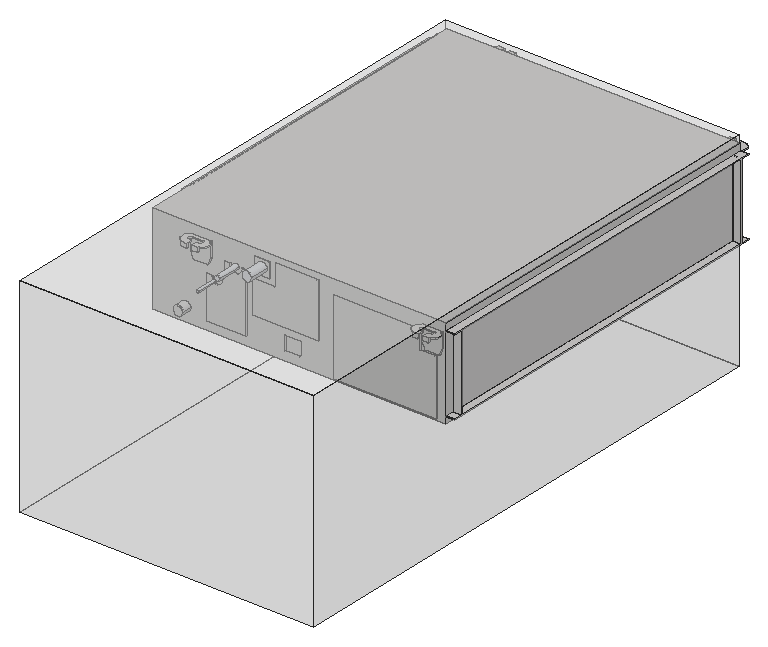
Revit family "outputfile", category 機械設備, Revit 2024
Family settings
  丸型コネクタ寸法 = 半径を使用
  パーツ タイプ = 標準
  OmniClass 番号 = 23.75.10.24.21.27.27
  OmniClass タイトル = Split System Air Conditioning Units
  作業面ベース = いいえ
  常に垂直 = はい
  ロード時にボイドで切り取り = いいえ
  注釈の向きを維持 = いいえ
  共有 = いいえ
  部屋計算ポイント = はい
Parameters (values of type "FXSQ50PAVE8")
  Description = ""
  製造元 = "Daikin"
  書き出し IFC クラス(タイプ) = "IfcUnitaryEquipmentType"
  定義済み IFC タイプ(タイプ) = "AIRCONDITIONINGUNIT"
  Cost = 0
  モデル = "FXSQ50PAVE8"
  Type Comments = ""
  Keynote = ""
  Type Image = (empty or 0)
  Assembly Code = ""
  r_Liquid Pipe Size = Liquid Pipe Size / 2  # 3.2 mm
  r_Gas Pipe Size = Gas Pipe Size / 2  # 6.35 mm
  r_Drain Pipe Size = Drain Pipe Size / 2  # 12.5 mm
  lw_power = 770.0 mm  # constant formula
  lh_SA = 138.0 mm  # constant formula
  lw_SA = if(Depth = 550.0 mm, 225.0 mm, if(Depth = 700.0 mm, 300.0 mm, if(Depth = 1000.0 mm, 450.0 mm, if(Depth = 1400.0 mm, 650.0 mm, 725.0 mm))))  # 450.0 mm
  lw_RA = if(Depth = 550.0 mm, 275.0 mm, if(Depth = 700.0 mm, 349.0 mm, if(Depth = 1000.0 mm, 499.0 mm, if(Depth = 1400.0 mm, 699.0 mm, 775.0 mm))))  # 499.0 mm
  lh_power = 60.0 mm + [h***]  # 60.0 mm
  lh_mountinghole1 = lh_mountinghole + [h***]  # 222.0 mm
  lh_RA = 123.0 mm  # constant formula
  ld_power = Depth / 2  # 500.0 mm
  Voltage_comment_60Hz = "220"
  Voltage_comment_50Hz = "220-240"
  Voltage_60Hz = 220 V
  Voltage_50Hz = 220 V
  URL = ""
  Supply Air Direction [instance] = yes
  Sound Power Level_H speed (dB) = 62
  Phase_60Hz = 1
  Phase_50Hz = 1
  Minimum External Static Pressure = 50.00 Pa
  Minimum Circuit Amps_60Hz = 1.3 A
  Minimum Circuit Amps_50Hz = 1.3 A
  Maximum Fuse Amps_60Hz = 16.0 A
  Maximum Fuse Amps_50Hz = 16.0 A
  Maximum External Static Pressure = 150.00 Pa
  Material_Casing = DAIKIN_GalvanizedSteel_Casing_indoorunit
  lw_mountinghole = 630.0 mm  # constant formula
  lh_gaspipe = 183.0 mm + [h***]  # 183.0 mm
  lh_mountinghole = 222.0 mm  # constant formula
  lh_liquidpipe = 136.0 mm + [h***]  # 136.0 mm
  lh_drainpipe = 207.0 mm + [h***]  # 207.0 mm
  lh_antena = Height - lh_mountinghole + 1.0 mm  # 24.0 mm
  ld_drainpipe = Depth / 2 + 53.0 mm  # 553.0 mm
  ld_liquidpipe = Depth / 2 + 69.0 mm  # 569.0 mm
  ld_gaspipe = Depth / 2 + 65.0 mm  # 565.0 mm
  ld_mountinghole = Depth + 38.0 mm  # 1038.0 mm
  h*** = 0.0 mm  # constant formula
  lw_liquidpipe = 179.0 mm  # constant formula
  lw_gaspipe = 229.0 mm  # constant formula
  lw_drainpipe = 300.0 mm  # constant formula
  Width = 800.0 mm
  Version = "ver.1.0"
  Unit Type = "Middle Static Pressure Duct Type"
  Unit Mass Weight = 35.00 kg
  Unit Designation [instance] = ""
  Uniclass2015Version = "Products v1.30"
  Uniclass2015Title = "Variable refrigerant flow units"
  Uniclass2015Code = "Pr_70_65_03_94"
  Total Heating Capacity [instance] = 0.000 kW
  Total Cooling Capacity [instance] = 0.000 kW
  Sound Pressure Level_M speed (dBA) = 0
  Sound Pressure Level_L speed (dBA) = 29
  Sound Pressure Level_H speed (dBA) = 34
  Series = "VRV Fan Coil Unit"
  Sensible Cooling Capacity [instance] = 0.000 kW
  SA Duct Size Width = if(Depth = 550.0 mm, 337.0 mm, if(Depth = 700.0 mm, 492.0 mm, if(Depth = 1000.0 mm, 792.0 mm, if(Depth = 1400.0 mm, 1192.0 mm, 1337.0 mm))))  # 792.0 mm
  SA Duct Size Height = 176.0 mm
  Refrigerant Type = "R410A"
  RA Duct Size Width = if(Depth = 550.0 mm, 502.0 mm, if(Depth = 700.0 mm, 654.0 mm, if(Depth = 1000.0 mm, 952.0 mm, if(Depth = 1400.0 mm, 1352.0 mm, 1502.0 mm))))  # 952.0 mm
  RA Duct Size Height = 208.0 mm
  Power Input (Heating) = 0.159 kW
  Power Input (Cooling) = 0.164 kW
  Option Accessory 3 [instance] = ""
  Option Accessory 2 [instance] = ""
  Option Accessory 1 [instance] = ""
  Nominal Heating Capacity = 6.300 kW
  Nominal Cooling Capacity = 5.600 kW
  Minimum Airflow = 690.00 m³/h
  Median Airflow = 870.00 m³/h
  Maximum Airflow = 1020.00 m³/h
  Load Classification = HVAC
  Liquid Pipe Size = 6.4 mm
  Link_Nested Family [instance] = ""
  IfcVersion = "0"
  IfcExportType = "AIRCONDITIONINGUNIT"
  IfcExportAs = "IfcUnitaryEquipmentType"
  Height = 245.0 mm
  Heating Entering Wet Bulb Temperature [instance] = 0.00 °C
  Heating Entering Dry Bulb Temperature [instance] = 0.00 °C
  Heating Ambient Wet Bulb Temperature [instance] = 0.00 °C
  Heating Ambient Dry Bulb Temperature [instance] = 0.00 °C
  Heat Exchanger Type = "Cross Fin Coil"
  Gas Pipe Size = 12.7 mm
  Frequency_60Hz = 60 Hz
  Frequency_50Hz = 50 Hz
  Fan Type = "Sirocco Fan"
  Fan Drive = "Direct Drive"
  FCU Tag No. [instance] = ""
  Drain Pipe Size = 25.0 mm
  Design Supply Airflow [instance] = 0.00 m³/h
  Design Return Airflow [instance] = 0.00 m³/h
  Design External Static Pressure [instance] = 0.00 Pa
  Depth = 1000.0 mm
  既定の高さ = 0.0 mm
  Cooling Entering Wet Bulb Temperature [instance] = 0.00 °C
  Cooling Entering Dry Bulb Temperature [instance] = 0.00 °C
  Cooling Ambient Wet Bulb Temperature [instance] = 0.00 °C
  Cooling Ambient Dry Bulb Temperature [instance] = 0.00 °C
  Clearance visibility [instance] = yes
  Clearance Top = 20.0 mm
  Clearance Right = 0.0 mm
  Clearance Rear = 0.0 mm
  Clearance Left = 0.0 mm
  Clearance Front = 450.0 mm
  Clearance Bottom = 300.0 mm
Reference planes
  plane 1 "Center (Front/Back)": y = 0
  plane 2 "h": z = 0
  plane 3 "Center (Left/Right)": x = 0
  plane 4 "Back": y = 500
  plane 5 "Front": y = -500
  plane 6 "Left": x = -400
  plane 7 "Reight": x = 400
  plane 8 "Top": z = 0
  plane 9 "Bottom": z = -245
  plane 10: y = -215
  plane 11: y = 500
  plane 12: y = -950
  plane 13: x = -400
  plane 14: x = 400
  plane 15: z = 20
  plane 16: z = -545
  plane 17: x = -400
  plane 18: x = -399
  plane 19: x = 399
  plane 20: y = 50
  plane 21: y = -1
  plane 22: z = -122
  plane 23: y = -501
  plane 24: z = -109
  plane 25: x = -221
  plane 26: y = -565
  plane 27: z = -62
  plane 28: x = -171
  plane 29: y = -553
  plane 30: z = -38
  plane 31: x = -100
  plane 32: x = -100
  plane 33: x = -221
  plane 34: x = -171
  plane 35: x = 370
  plane 36: x = -266
  plane 37: x = 364
  plane 38: y = -519
  plane 39: y = 519
  plane 40: z = -23
  plane 41: z = -107
  plane 42: y = -570
  plane 43: z = -207
  plane 44: x = -309
  plane 45: y = -526
  plane 46: x = -251
  plane 47: x = -203
  plane 48: x = -144
  plane 49: z = -59
  plane 50: z = -106
  plane 51: z = -221
  plane 52: z = -109
  plane 53: x = -221
  plane 54: z = -62
  plane 55: x = -171
  plane 56: z = -17
  plane 57: z = -59
  plane 58: x = -121
  plane 59: x = -79
  plane 60: x = -125
  plane 61: x = -64
  plane 62: x = 53
  plane 63: z = -164
  plane 64: z = -73
  plane 65: z = -16
  plane 66: x = 93.5
  plane 67: x = 374.5
  plane 68: x = 330
  plane 69: z = -88.5
  plane 70: z = -38
  plane 71: z = -242.5
  plane 72: x = -38.5
  plane 73: x = 6.5
  plane 74: z = -181
  plane 75: z = -221
  plane 76: y = -499
  plane 77: x = -424
  plane 78: x = 424
Forms (mm)
  Extrusion 1, solid, material "DAIKIN_GalvanizedSteel_Casing_indoorunit" <- "Material_Casing"
    sketch origin (0, 0, 0) x (1, 0, 0) y (0, 1, 0)
      loop
        line (-399, 500) -> (-399, -500) -> (399, -500) -> (399, 500) -> (-399, 500)
    from -245 to 0
  Extrusion 2, solid, material "DAIKIN_GalvanizedSteel_Casing_indoorunit" <- "Material_Casing"
    sketch origin (0, 0, 0) x (1, 0, 0) y (0, 0, 1)
      loop
        line (-251, -221) -> (-144, -221) -> (-144, -59) -> (-154.47, -59)
        arc (-154.47, -59) -> (-171, -78.8) -> (-187.53, -59) r 16.8
        line (-187.53, -59) -> (-203, -59) -> (-203, -106) -> (-206.916, -106)
        arc (-206.916, -106) -> (-221, -123.4) -> (-235.084, -106) r 14.4
        line (-235.084, -106) -> (-251, -106) -> (-251, -221)
    from 500 to 501
  Extrusion 3, solid, material "DAIKIN_GalvanizedSteel_Casing_indoorunit" <- "Material_Casing"
    sketch origin (0, 0, 0) x (1, 0, 0) y (0, 0, 1)
      loop
        line (-121, -17) -> (-121, -59) -> (-79, -59) -> (-79, -17) -> (-121, -17)
      loop
        line (-125, -73) -> (-125, -164) -> (53, -164) -> (53, -16) -> (-64, -16) -> (-64, -73) -> (-125, -73)
    from 500 to 501
  Extrusion 4, solid, material "DAIKIN_GalvanizedSteel_Casing_indoorunit" <- "Material_Casing"
    sketch origin (0, 0, 0) x (1, 0, 0) y (0, 0, 1)
      loop
        line (93.5, -38) -> (93.5, -242.5) -> (374.5, -242.5) -> (374.5, -88.5) -> (330, -88.5) -> (330, -38) -> (93.5, -38)
    from 500 to 501
  Extrusion 5, solid
    sketch origin (0, 0, 0) x (1, 0, 0) y (0, 0, 1)
      loop
        circle (-221, -109) r 3.2
    from 500 to 570
  Extrusion 6, solid
    sketch origin (0, 0, 0) x (1, 0, 0) y (0, 0, 1)
      loop
        circle (-171, -62) r 6.35
    from 500 to 565
  Extrusion 7, solid
    sketch origin (0, 0, 0) x (1, 0, 0) y (0, 0, 1)
      loop
        circle (-100, -38) r 12.5
    from 501 to 553
  Extrusion 8, solid, material "DAIKIN_GalvanizedSteel_Casing_indoorunit" <- "Material_Casing"
    sketch origin (0, 0, 0) x (1, 0, 0) y (0, 0, 1)
      loop
        circle (-309, -207) r 13
    from 500 to 526
  Extrusion 9, void
    sketch origin (0, 0, 0) x (1, 0, 0) y (0, 0, 1)
      loop
        line (-38.5, -181) -> (-38.5, -221) -> (6.5, -221) -> (6.5, -181) -> (-38.5, -181)
    from 499 to 500
Cuts and joins
  Extrusion 9 cuts Extrusion 1
Dimensions and locks
  "Height": plane 8 "Top" to plane 9 "Bottom"
  equal spacing: plane 4 "Back", plane 1 "Center (Front/Back)", plane 5 "Front"
  "Depth": plane 4 "Back" to plane 5 "Front"
  equal spacing: plane 6 "Left", plane 3 "Center (Left/Right)", plane 7 "Reight"
  "Width": plane 6 "Left" to plane 7 "Reight"
  "Clearance Left": plane 13 to plane 6 "Left"
  "Clearance Right": plane 7 "Reight" to plane 14
  "Clearance Rear": plane 11 to plane 4 "Back"
  "Clearance Front": plane 5 "Front" to plane 12
  "Clearance Top": plane 15 to plane 8 "Top"
  "Clearance Bottom": plane 9 "Bottom" to plane 16
  locked: plane 17 to plane 18 at 1
  locked: plane 19 to plane 14 at 1
  "lw_SA": plane 11 to plane 20
  "lw_RA": plane 21 to plane 5 "Front"
  "lh_RA": plane 22 to plane 9 "Bottom"
  locked: plane 5 "Front" to plane 23 at 1
  "lw_liquidpipe": plane 25 to plane 6 "Left"
  "lh_liquidpipe": plane 24 to plane 9 "Bottom"
  "lh_gaspipe": plane 27 to plane 9 "Bottom"
  "lw_gaspipe": plane 28 to plane 6 "Left"
  "ld_gaspipe": plane 26 to plane 1 "Center (Front/Back)"
  "ld_drainpipe": plane 29 to plane 1 "Center (Front/Back)"
  "lh_drainpipe": plane 30 to plane 9 "Bottom"
  "lw_drainpipe": plane 31 to plane 6 "Left"
  "lw_drainpipe": plane 6 "Left" to plane 32
  "lw_liquidpipe": plane 6 "Left" to plane 33
  "lw_gaspipe": plane 6 "Left" to plane 34
  "lw_power": plane 6 "Left" to plane 35
  locked: plane 17 to plane 36 at 134
  "lw_mountinghole": plane 36 to plane 37
  equal spacing: plane 38, plane 1 "Center (Front/Back)", plane 39
  "ld_mountinghole": plane 39 to plane 38
  "lh_mountinghole": plane 40 to plane 9 "Bottom"
  "lh_SA": plane 41 to plane 9 "Bottom"
  "ld_liquidpipe": plane 21 to plane 42
  locked: plane 44 to plane 6 "Left" at 91
  locked: plane 43 to plane 9 "Bottom" at 38
  locked: plane 5 "Front" to plane 45 at 26
  plane 48 to plane 47 to plane 46 to plane 6 "Left" = 59.0 mm, 48.0 mm, 149.0 mm
  plane 8 "Top" to plane 49 to plane 50 to plane 51 = 59.0 mm locked, 47.0 mm locked, 115.0 mm locked
  plane 55 to plane 53 to plane 6 "Left" = 50.0 mm locked, 179.0 mm locked
  plane 54 to plane 52 to plane 9 "Bottom" = 47.0 mm locked, 136.0 mm locked
  plane 59 to plane 58 to plane 6 "Left" = 42.0 mm locked, 279.0 mm locked
  plane 8 "Top" to plane 56 to plane 57 = 17.0 mm locked, 42.0 mm locked
  plane 62 to plane 61 to plane 60 to plane 6 "Left" = 117.0 mm, 61.0 mm, 275.0 mm
  plane 8 "Top" to plane 65 to plane 64 = 16.0 mm locked, 57.0 mm locked
  locked: plane 65 to plane 63 at 148
  plane 8 "Top" to plane 70 to plane 69 to plane 71 = 38.0 mm locked, 50.5 mm locked, 154.0 mm locked
  plane 67 to plane 68 to plane 66 to plane 6 "Left" = 44.5 mm locked, 236.5 mm locked, 493.5 mm locked
  plane 8 "Top" to plane 74 to plane 75 = 181.0 mm locked, 40.0 mm locked
  plane 73 to plane 72 to plane 6 "Left" = 45.0 mm, 361.5 mm
  locked: plane 76 to plane 5 "Front" at 1
  locked: plane 77 to plane 17 at 24
  locked: plane 14 to plane 78 at 24
  "r_Liquid Pipe Size": radius of Extrusion 5 sketch curve
  "r_Gas Pipe Size": radius of Extrusion 6 sketch curve
  "r_Drain Pipe Size": radius of Extrusion 7 sketch curve
  aligned and locked: level to plane 2 "h"
  aligned and locked: plane 8 "Top" to Extrusion 1
  aligned and locked: Extrusion 1 to plane 9 "Bottom"
  aligned and locked: nested 5 to plane 12
  aligned and locked: plane 13 to nested 5
  aligned and locked: plane 14 to nested 5
  aligned and locked: nested 5 to plane 13
  aligned and locked: plane 11 to nested 5
  aligned and locked: plane 15 to nested 5
  aligned and locked: plane 16 to nested 5
  aligned and locked: plane 5 "Front" to Extrusion 1 sketch curve
  aligned and locked: Extrusion 1 to plane 18
  aligned and locked: plane 19 to Extrusion 1
  aligned and locked: nested 7 to plane 18
  aligned and locked: nested 7 to plane 20
  aligned and locked: plane 19 to nested 8
  aligned and locked: plane 21 to nested 8
  aligned and locked: plane 22 to nested 8
  aligned and locked: Extrusion 2 to plane 23
  aligned and locked: plane 5 "Front" to Extrusion 2
  aligned and locked: Extrusion 3 to plane 23
  aligned and locked: plane 5 "Front" to Extrusion 3
  aligned and locked: plane 5 "Front" to Extrusion 4
  aligned and locked: Extrusion 5 sketch curve to plane 25
  aligned and locked: plane 24 to Extrusion 5 sketch curve
  aligned and locked: plane 5 "Front" to Extrusion 5
  aligned and locked: Extrusion 6 sketch curve to plane 28
  aligned and locked: plane 27 to Extrusion 6 sketch curve
  aligned and locked: plane 5 "Front" to Extrusion 6
  aligned and locked: Extrusion 7 sketch curve to plane 31
  aligned and locked: Extrusion 7 sketch curve to plane 30
  aligned and locked: Extrusion 7 to plane 29
  aligned and locked: plane 23 to Extrusion 7
  aligned and locked: nested 3 to plane 29
  aligned and locked: plane 32 to nested 3
  aligned and locked: nested 2 to plane 33
  aligned and locked: nested 1 to plane 34
  aligned and locked: Extrusion 6 to plane 26
  aligned and locked: nested 1 to plane 26
  aligned and locked: nested 6 to plane 5 "Front"
  aligned and locked: nested 6 to plane 35
  aligned and locked: plane 36 to nested 10
  aligned and locked: nested 10 to plane 5 "Front"
  aligned and locked: plane 37 to nested 9
  aligned and locked: nested 9 to plane 5 "Front"
  aligned and locked: nested 11 to plane 36
  aligned and locked: plane 4 "Back" to nested 11
  aligned and locked: nested 12 to plane 37
  aligned and locked: plane 4 "Back" to nested 12
  aligned and locked: plane 40 to nested 10
  aligned and locked: plane 40 to nested 11
  aligned and locked: plane 40 to nested 9
  aligned and locked: plane 40 to nested 12
  aligned and locked: plane 36 to nested 14
  aligned and locked: nested 14 to plane 39
  aligned and locked: plane 37 to nested 13
  aligned and locked: nested 13 to plane 39
  aligned and locked: plane 37 to nested 16
  aligned and locked: plane 38 to nested 16
  aligned and locked: plane 38 to nested 15
  aligned and locked: plane 36 to nested 15
  aligned and locked: plane 17 to plane 6 "Left"
  aligned and locked: plane 41 to nested 7
  aligned and locked: Extrusion 5 to plane 42
  aligned and locked: nested 2 to plane 42
  aligned and locked: Extrusion 8 sketch curve to plane 44
  aligned and locked: plane 43 to Extrusion 8 sketch curve
  aligned and locked: plane 5 "Front" to Extrusion 8
  aligned and locked: plane 45 to Extrusion 8
  aligned and locked: Extrusion 3 sketch curve to plane 56
  aligned and locked: Extrusion 3 sketch curve to plane 58
  aligned and locked: plane 57 to Extrusion 3 sketch curve
  aligned and locked: plane 59 to Extrusion 3 sketch curve
  aligned and locked: Extrusion 4 to plane 23
  aligned and locked: Extrusion 9 sketch curve to plane 74
  aligned and locked: plane 75 to Extrusion 9 sketch curve
  aligned and locked: plane 73 to Extrusion 9 sketch curve
  aligned and locked: plane 5 "Front" to Extrusion 9
  aligned and locked: plane 76 to Extrusion 9
  aligned and locked: nested 17 to plane 20
  aligned and locked: nested 17 to plane 77
  aligned and locked: plane 21 to nested 18
  aligned and locked: plane 78 to nested 18
  aligned and locked: plane 41 to nested 17
  aligned and locked: nested 18 to plane 22
  aligned and locked: nested 4 to plane 3 "Center (Left/Right)"
  aligned and locked: plane 1 "Center (Front/Back)" to nested 4
  aligned and locked: level to plane 8 "Top"
Automatic sketch dimensions
  plane 6 "Left" to Extrusion 1 sketch curve = 1.0 mm
  Extrusion 1 sketch curve to plane 7 "Reight" = 1.0 mm
  Extrusion 1 sketch curve to plane 4 "Back" = 0.0 mm
  Extrusion 2 sketch curve to plane 46 = 0.0 mm
  Extrusion 2 sketch curve to plane 33 = 0.0 mm
  Extrusion 2 sketch curve to plane 47 = 0.0 mm
  Extrusion 2 sketch curve to plane 34 = 0.0 mm
  Extrusion 2 sketch curve to plane 48 = 0.0 mm
  Extrusion 2 sketch curve to plane 51 = 0.0 mm
  Extrusion 2 sketch curve to plane 52 = 0.0 mm
  Extrusion 2 sketch curve to plane 50 = 0.0 mm  (x3)
  Extrusion 2 sketch curve to plane 54 = 0.0 mm
  Extrusion 2 sketch curve to plane 49 = 0.0 mm  (x3)
  plane 33 to Extrusion 2 sketch curve = 14.084 mm
  plane 34 to Extrusion 2 sketch curve = 16.53 mm
  Extrusion 3 sketch curve to plane 60 = 0.0 mm
  Extrusion 3 sketch curve to plane 61 = 0.0 mm
  Extrusion 3 sketch curve to plane 62 = 0.0 mm
  Extrusion 3 sketch curve to plane 63 = 0.0 mm
  Extrusion 3 sketch curve to plane 64 = 0.0 mm
  Extrusion 3 sketch curve to plane 65 = 0.0 mm
  Extrusion 4 sketch curve to plane 66 = 0.0 mm
  Extrusion 4 sketch curve to plane 68 = 0.0 mm
  Extrusion 4 sketch curve to plane 67 = 0.0 mm
  Extrusion 4 sketch curve to plane 71 = 0.0 mm
  Extrusion 4 sketch curve to plane 69 = 0.0 mm
  Extrusion 4 sketch curve to plane 70 = 0.0 mm
  Extrusion 9 sketch curve to plane 72 = 0.0 mm
  radius of Extrusion 8 sketch curve = 13.0 mm
Nested families
  nested 1: "daikin_connector_rotate2" at (-171, 0, -62), length <- "ld_gaspipe", built-in parameter 1001364 <- "lh_gaspipe", radius <- "r_Gas Pipe Size", type "daikin_connector_rotate2"
    with radius 6.35 mm, length 565.0 mm, angle_vertical 90.00°
  nested 2: "daikin_connector_rotate2" at (-221, -1, -109), length <- "ld_liquidpipe", built-in parameter 1001364 <- "lh_liquidpipe", radius <- "r_Liquid Pipe Size", type "daikin_connector_rotate2"
    with radius 3.2 mm, length 569.0 mm, angle_vertical 90.00°
  nested 3: "daikin_connector_rotate2" at (-100, 0, -38), length <- "ld_drainpipe", built-in parameter 1001364 <- "lh_drainpipe", radius <- "r_Drain Pipe Size", type "daikin_connector_rotate2"
    with radius 12.5 mm, length 553.0 mm, angle_vertical 90.00°
  nested 4: "daikin_△_symbolicline" at (0, 0, 245) x (0, -1, 0) z (0, 0, 1), built-in parameter 1001364 <- "Height", visible <- "Supply Air Direction", type "daikin_△_symbolicline"
    with length 200.0 mm
  nested 5: "daikin_clearancespace" at (0, -225, -262.381), visible <- "Clearance visibility", show <- "Clearance visibility", Link_Nested Family <- "Link_Nested Family", type "daikin_clearancespace"
    with width 800.0 mm, show yes, height 565.0 mm, depth 1450.0 mm, Link_Nested Family ""
  nested 6: "daikin_connector_rotate2" at (370, 0, -185), built-in parameter 1001364 <- "lh_power", length <- "ld_power", type "daikin_connector_rotate2"
    with radius 10.0 mm, length 500.0 mm, angle_vertical 90.00°
  nested 7: "daikin_ductflange_FXSQ-PAVE8_2" at (-399, 50, -107) x (0, -1, 0) z (0, 0, 1), type "daikin_ductflange_FXSQ-PAVE8_2"
    with width 792.0 mm, w 1000.0 mm
  nested 8: "daikin_ductflange_FXSQ-PAVE8_1" at (399, -1, -122) x (0, 1, 0) z (0, 0, 1), type "daikin_ductflange_FXSQ-PAVE8_1"
    with width 952.0 mm, w 1000.0 mm
  nested 9: "daikin_hangerfixture_FXSQ-PAVE8" at (364, -500, -23), type "daikin_hangerfixture_FXSQ-PAVE8"
  nested 10: "daikin_hangerfixture_FXSQ-PAVE8" at (-266, -500, -23), type "daikin_hangerfixture_FXSQ-PAVE8"
  nested 11: "daikin_hangerfixture_FXSQ-PAVE8" at (-266, 500, -23) x (-1, 0, 0) z (0, 0, 1), type "daikin_hangerfixture_FXSQ-PAVE8"
  nested 12: "daikin_hangerfixture_FXSQ-PAVE8" at (364, 500, -23) x (-1, 0, 0) z (0, 0, 1), type "daikin_hangerfixture_FXSQ-PAVE8"
  nested 13: "daikin_mountinghole" at (364, 519, -245), h_mountinghole <- "lh_mountinghole1", l_antenna <- "lh_antena", Link_Nested Family <- "Link_Nested Family", type "daikin_mountinghole"
    with show yes, l_antenna 24.0 mm, h_mountinghole 222.0 mm, Link_Nested Family ""
  nested 14: "daikin_mountinghole" at (-266, 519, -245), h_mountinghole <- "lh_mountinghole1", l_antenna <- "lh_antena", Link_Nested Family <- "Link_Nested Family", type "daikin_mountinghole"
    with show yes, l_antenna 24.0 mm, h_mountinghole 222.0 mm, Link_Nested Family ""
  nested 15: "daikin_mountinghole" at (-266, -519, -245), h_mountinghole <- "lh_mountinghole1", l_antenna <- "lh_antena", Link_Nested Family <- "Link_Nested Family", type "daikin_mountinghole"
    with show yes, l_antenna 24.0 mm, h_mountinghole 222.0 mm, Link_Nested Family ""
  nested 16: "daikin_mountinghole" at (364, -519, -245), h_mountinghole <- "lh_mountinghole1", l_antenna <- "lh_antena", Link_Nested Family <- "Link_Nested Family", type "daikin_mountinghole"
    with show yes, l_antenna 24.0 mm, h_mountinghole 222.0 mm, Link_Nested Family ""
  nested 17: "daikin_connector_rotate2" at (-400, 50, -107) x (0, -1, 0) z (0, 0, 1), type "daikin_connector_rotate2"
    with radius 10.0 mm, length 24.0 mm, angle_vertical 90.00°
  nested 18: "daikin_connector_rotate2" at (400, -1, -122) x (0, 1, 0) z (0, 0, 1), type "daikin_connector_rotate2"
    with radius 10.0 mm, length 24.0 mm, angle_vertical 90.00°
Connectors
  piping at (-100, -553, -38), diameter 25, driven by "r_Drain Pipe Size"
    settings: on nested 3, index 3, connector inside diameter 609.6 mm, connector length 0.0 mm, flow factor 0, pipe flow 0.00 m³/h, pressure drop 0.0 Pa, fitting loss kfactor 0, connector angle 0.00°, fixture units 0, engagement length 0.0 mm, angle of deflection 0.00°, flow configuration 1, flow direction 2, fitting loss method 4, system type 16, joint type 0, gender type 0, connector reference index -1, connector utility 0, adjustable connector no, is connector primary yes, connector description "Condensate Drain Piping"
  piping at (-171, -565, -62), diameter 12.7, driven by "r_Gas Pipe Size"
    settings: on nested 1, index 4, connector inside diameter 609.6 mm, connector length 0.0 mm, flow factor 0, pipe flow 0.00 m³/h, pressure drop 0.0 Pa, fitting loss kfactor 0, connector angle 0.00°, fixture units 0, engagement length 0.0 mm, angle of deflection 0.00°, flow configuration 1, flow direction 2, fitting loss method 0, system type 29, joint type 0, gender type 0, connector reference index -1, connector utility 0, adjustable connector no, is connector primary no, connector description "Refrigerant Gas Piping"
  piping at (-221, -570, -109), diameter 6.4, driven by "r_Liquid Pipe Size"
    settings: on nested 2, index 5, connector inside diameter 609.6 mm, connector length 0.0 mm, flow factor 0, pipe flow 0.00 m³/h, pressure drop 0.0 Pa, fitting loss kfactor 0, connector angle 0.00°, fixture units 0, engagement length 0.0 mm, angle of deflection 0.00°, flow configuration 1, flow direction 1, fitting loss method 0, system type 29, joint type 0, gender type 0, connector reference index -1, connector utility 0, adjustable connector no, is connector primary no, connector description "Refrigerant Liquid Piping"
  electrical at (370, -500, -185), driven by "Load Classification"
    settings: on nested 6, index 6, voltage 0 V, apparent load 0 VA, apparent load phase1 0 VA, apparent load phase2 0 VA, apparent load phase3 0 VA, power factor 1, load classification "HVAC", number of poles 1, system type 30, power factor state 1, is connector primary yes, connector utility no, sub classification motor no, connector description "Power Supply"
  hvac at (-424, 50, -107), driven by "SA Duct Size Height", driven by "SA Duct Size Width"
    settings: on nested 17, index 7, duct flow 0.00 m³/h, flow factor 0, pres drop 0.00 Pa, loss coef 0, conn angle 0.00°, conn width 792.0 mm, conn height 176.0 mm, conn diameter 609.6 mm, duct sys type 1, conn prof type 1, flow config 0, flow direction 2, loss method 4, conn ref index -1, conn util no, is conn primary yes, conn desc "SA Duct"
  hvac at (424, -1, -122), driven by "RA Duct Size Height", driven by "RA Duct Size Width"
    settings: on nested 18, index 8, duct flow 0.00 m³/h, flow factor 0, pres drop 0.00 Pa, loss coef 0, conn angle 0.00°, conn width 952.0 mm, conn height 208.0 mm, conn diameter 609.6 mm, duct sys type 2, conn prof type 1, flow config 0, flow direction 1, loss method 4, conn ref index -1, conn util no, is conn primary no, conn desc "RA Duct"
Definition of nested family "daikin_clearancespace"
  Parameters (values of type "daikin_clearancespace")
    width [instance] = 1823.963 mm
    show [instance] = yes
    material = none
    height [instance] = 1359.762 mm
    depth [instance] = 880.0 mm
    Default Elevation = 0.0 mm
    Link_Nested Family [instance] = ""
  Reference planes
    plane 1 "Center (Front/Back)": y = 0
    plane 2 "Center (Elevation)": z = -0.119
    plane 3 "Center (Left/Right)": x = 0
    plane 4: y = 440
    plane 5: y = -440
    plane 6 "Right": x = 911.982
    plane 7 "Left": x = -911.982
    plane 8 "Top": z = 679.762
    plane 9 "Bottom": z = -680
  Forms (mm)
    Extrusion 1, solid, material <- "material", visible <- "show"
      sketch origin (0, 0, 0) x (1, 0, 0) y (0, 1, 0)
        loop
          line (-911.982, 440) -> (-911.982, -440) -> (911.982, -440) -> (911.982, 440) -> (-911.982, 440)
      from -680 to 679.762
  Lines and regions (mm)
    symbolic lines, visible <- "show"
      curve 1: line (911.982, 440, 0) -> (-911.982, 440, 0)
      curve 2: line (-911.982, 440, 0) -> (-911.982, -440, 0)
      curve 3: line (-911.982, -440, 0) -> (911.982, -440, 0)
      curve 4: line (911.982, -440, 0) -> (911.982, 440, 0)
      curve 5: line (911.982, 0, 679.762) -> (-911.982, 0, 679.762)
      curve 6: line (911.982, 0, -680) -> (911.982, 0, 679.762)
      curve 7: line (-911.982, 0, -680) -> (911.982, 0, -680)
      curve 8: line (-911.982, 0, 679.762) -> (-911.982, 0, -680)
      curve 9: line (0, 440, 679.762) -> (0, -440, 679.762)
      curve 10: line (0, -440, 679.762) -> (0, -440, -680)
      curve 11: line (0, 440, -680) -> (0, 440, 679.762)
      curve 12: line (0, -440, -680) -> (0, 440, -680)
  Dimensions and locks
    "width": plane 7 "Left" to plane 6 "Right"
    "depth": plane 4 to plane 5
    "height": plane 8 "Top" to plane 9 "Bottom"
    equal spacing: plane 7 "Left", plane 3 "Center (Left/Right)", plane 6 "Right"
    equal spacing: plane 4, plane 1 "Center (Front/Back)", plane 5
    equal spacing: plane 8 "Top", plane 2 "Center (Elevation)", plane 9 "Bottom"
    aligned and locked: level to plane 2 "Center (Elevation)"
    aligned and locked: Extrusion 1 sketch curve to plane 4
    aligned and locked: plane 7 "Left" to Extrusion 1 sketch curve
    aligned and locked: Extrusion 1 sketch curve to plane 5
    aligned and locked: Extrusion 1 sketch curve to plane 6 "Right"
    aligned and locked: plane 8 "Top" to Extrusion 1
    aligned and locked: curve 1 to Extrusion 1
    aligned and locked: curve 2 to Extrusion 1
    aligned and locked: curve 3 to Extrusion 1
    aligned and locked: curve 4 to Extrusion 1
    aligned and locked: curve 5 to Extrusion 1
    aligned and locked: curve 6 to Extrusion 1
    aligned and locked: curve 7 to Extrusion 1
    aligned and locked: curve 8 to Extrusion 1
    aligned and locked: curve 9 to Extrusion 1
    aligned and locked: curve 10 to Extrusion 1
    aligned and locked: curve 11 to Extrusion 1
    aligned and locked: curve 12 to Extrusion 1
    aligned and locked: Extrusion 1 to plane 9 "Bottom"
Definition of nested family "daikin_ductflange_FXSQ-PAVE8_2"
  Parameters (values of type "daikin_ductflange_FXMQ-PAVE2")
    width = if(w = 550.0 mm, 337.0 mm, if(w = 700.0 mm, 492.0 mm, if(w = 1000.0 mm, 792.0 mm, if(w = 1400.0 mm, 1192.0 mm, 1337.0 mm))))  # 337.0 mm
    material = none
    height = 215.0 mm
    depth = 1.0 mm
    w = 550.0 mm
    Default Elevation = 0.0 mm
  Reference planes
    plane 1 "Center (Front/Back)": y = 0
    plane 2: z = 0
    plane 3 "Center (Left/Right)": x = 0
    plane 4: z = 88
    plane 5: z = -88
    plane 6: y = -25
    plane 7: z = 106
    plane 8: z = 89
    plane 9: y = -1
    plane 10: x = -192.5
    plane 11: x = 192.5
    plane 12: z = -106
    plane 13: z = -89
    plane 14: y = -1
    plane 15: x = 168.5
    plane 16: x = -168.5
    plane 17: x = 169.5
    plane 18: z = 87
    plane 19: z = -87
    plane 20: x = -169.5
    plane 21: z = 87
    plane 22: z = -87
    plane 23: y = -1
  Forms (mm)
    Extrusion 1, solid, material <- "material"
      sketch origin (0, 0, 0) x (0, 1, 0) y (0, 0, 1)
        loop
          line (-25, 88) -> (0, 88) -> (0, 106) -> (-1, 106) -> (-1, 89) -> (-25, 89) -> (-25, 88)
      from -192.5 to 192.5
    Extrusion 2, solid, material <- "material"
      sketch origin (0, 0, 0) x (0, 1, 0) y (0, 0, 1)
        loop
          line (-25, -88) -> (-25, -89) -> (-1, -89) -> (-1, -106) -> (0, -106) -> (0, -88) -> (-25, -88)
      from -192.5 to 192.5
    Extrusion 3, solid, material <- "material"
      sketch origin (0, 0, 0) x (1, 0, 0) y (0, 0, 1)
        loop
          line (168.5, 88) -> (168.5, -88) -> (192.5, -88) -> (192.5, -87) -> (169.5, -87) -> (169.5, 87) -> (192.5, 87) -> (192.5, 88) -> (168.5, 88)
      from 0 to 25
    Extrusion 4, solid, material <- "material"
      sketch origin (0, 0, 0) x (1, 0, 0) y (0, 0, 1)
        loop
          line (-192.5, 88) -> (-192.5, 87) -> (-169.5, 87) -> (-169.5, -87) -> (-192.5, -87) -> (-192.5, -88) -> (-168.5, -88) -> (-168.5, 88) -> (-192.5, 88)
      from 0 to 25
    Extrusion 5, solid, material <- "material"
      sketch origin (0, 0, 0) x (1, 0, 0) y (0, 0, 1)
        loop
          line (-192.5, 88) -> (-192.5, -88) -> (-168.5, -88) -> (-168.5, 88) -> (-192.5, 88)
        loop
          line (192.5, 88) -> (168.5, 88) -> (168.5, -88) -> (192.5, -88) -> (192.5, 88)
      from 0 to 1
  Cuts and joins
    joined: Extrusion 1, Extrusion 2, Extrusion 3, Extrusion 4, Extrusion 5
  Dimensions and locks
    plane 4 to level to plane 5 = 88.0 mm, 88.0 mm
    locked: plane 6 to plane 1 "Center (Front/Back)" at 25
    locked: plane 9 to plane 1 "Center (Front/Back)" at 1
    locked: plane 8 to plane 4 at 1
    locked: plane 16 to plane 10 at 24
    locked: plane 17 to plane 15 at 1
    locked: plane 4 to plane 18 at 1
    locked: plane 19 to plane 5 at 1
    "width": plane 15 to plane 16
    plane 4 to plane 5 = 176.0 mm
    locked: plane 16 to plane 20 at 1
    locked: plane 4 to plane 21 at 1
    locked: plane 22 to plane 5 at 1
    locked: plane 23 to plane 1 "Center (Front/Back)" at 1
    plane 4 to level to plane 5 = 88.0 mm locked, 88.0 mm locked
    locked: plane 5 to plane 13 at 1
    locked: plane 5 to plane 12 at 18
    locked: plane 7 to plane 4 at 18
    equal spacing: plane 15, plane 3 "Center (Left/Right)", plane 16
    locked: plane 11 to plane 15 at 24
    plane 11 to plane 10 = 385.0 mm
    aligned and locked: level to plane 2
    aligned and locked: Extrusion 1 to plane 10
    aligned and locked: plane 11 to Extrusion 1
    aligned and locked: plane 5 to Extrusion 2
    aligned and locked: Extrusion 2 to plane 1 "Center (Front/Back)"
    aligned and locked: plane 15 to Extrusion 3 sketch curve
    aligned and locked: Extrusion 3 sketch curve to Extrusion 2  (x2)
    aligned and locked: Extrusion 3 sketch curve to plane 11
    aligned and locked: plane 6 to Extrusion 3
    aligned and locked: Extrusion 2 to plane 10
    aligned and locked: plane 11 to Extrusion 2
    aligned and locked: Extrusion 4 sketch curve to Extrusion 1  (x2)
    aligned and locked: plane 5 to Extrusion 4 sketch curve
    aligned and locked: Extrusion 4 sketch curve to plane 16
    aligned and locked: Extrusion 4 sketch curve to plane 22
    aligned and locked: plane 20 to Extrusion 4 sketch curve
    aligned and locked: plane 21 to Extrusion 4 sketch curve
    aligned and locked: Extrusion 4 to plane 1 "Center (Front/Back)"
    aligned and locked: plane 6 to Extrusion 4
    aligned and locked: Extrusion 5 sketch curve to Extrusion 1  (x4)
    aligned and locked: Extrusion 5 sketch curve to Extrusion 4  (x2)
    aligned and locked: Extrusion 5 sketch curve to Extrusion 3  (x2)
    aligned and locked: Extrusion 5 to plane 1 "Center (Front/Back)"
    aligned and locked: plane 23 to Extrusion 5
  Automatic sketch dimensions
    Extrusion 1 sketch curve to plane 6 = 0.0 mm
    Extrusion 1 sketch curve to plane 7 = 0.0 mm
    Extrusion 1 sketch curve to plane 9 = 0.0 mm
    Extrusion 1 sketch curve to plane 1 "Center (Front/Back)" = 0.0 mm
    Extrusion 1 sketch curve to plane 4 = 0.0 mm
    Extrusion 1 sketch curve to plane 8 = 0.0 mm
    Extrusion 2 sketch curve to plane 6 = 0.0 mm
    plane 12 to Extrusion 2 sketch curve = 0.0 mm
    Extrusion 2 sketch curve to plane 14 = 0.0 mm
    Extrusion 2 sketch curve to plane 1 "Center (Front/Back)" = 0.0 mm
    plane 13 to Extrusion 2 sketch curve = 0.0 mm
    Extrusion 2 sketch curve to plane 5 = 0.0 mm
    Extrusion 3 sketch curve to plane 17 = 0.0 mm
    Extrusion 3 sketch curve to plane 19 = 0.0 mm
    Extrusion 3 sketch curve to plane 18 = 0.0 mm
    Extrusion 3 sketch curve to plane 4 = 0.0 mm
    Extrusion 4 sketch curve to plane 10 = 0.0 mm
Definition of nested family "daikin_ductflange_FXSQ-PAVE8_1"
  Parameters (values of type "daikin_ductflange_FXMQ-PAVE")
    width = if(w = 550.0 mm, 502.0 mm, if(w = 700.0 mm, 654.0 mm, if(w = 1000.0 mm, 952.0 mm, if(w = 1400.0 mm, 1352.0 mm, 1502.0 mm))))  # 502.0 mm
    material = none
    height = 208.0 mm
    depth = 1.0 mm
    w = 550.0 mm
    Default Elevation = 0.0 mm
  Reference planes
    plane 1 "Center (Front/Back)": y = 0
    plane 2: z = 0
    plane 3 "Center (Left/Right)": x = 0
    plane 4: z = 104
    plane 5: z = -104
    plane 6: y = -25
    plane 7: z = 121
    plane 8: z = 105
    plane 9: y = -1
    plane 10: x = -275
    plane 11: x = 275
    plane 12: z = -122
    plane 13: z = -105
    plane 14: y = -1
    plane 15: x = 251
    plane 16: x = -251
    plane 17: x = 252
    plane 18: z = 103
    plane 19: z = -103
    plane 20: x = -252
    plane 21: z = 103
    plane 22: z = -103
    plane 23: y = -1
  Forms (mm)
    Extrusion 1, solid, material <- "material"
      sketch origin (0, 0, 0) x (0, 1, 0) y (0, 0, 1)
        loop
          line (-25, 104) -> (0, 104) -> (0, 121) -> (-1, 121) -> (-1, 105) -> (-25, 105) -> (-25, 104)
      from -275 to 275
    Extrusion 2, solid, material <- "material"
      sketch origin (0, 0, 0) x (0, 1, 0) y (0, 0, 1)
        loop
          line (-25, -104) -> (-25, -105) -> (-1, -105) -> (-1, -122) -> (0, -122) -> (0, -104) -> (-25, -104)
      from -275 to 275
    Extrusion 3, solid, material <- "material"
      sketch origin (0, 0, 0) x (1, 0, 0) y (0, 0, 1)
        loop
          line (251, 104) -> (251, -104) -> (275, -104) -> (275, -103) -> (252, -103) -> (252, 103) -> (275, 103) -> (275, 104) -> (251, 104)
      from 0 to 25
    Extrusion 4, solid, material <- "material"
      sketch origin (0, 0, 0) x (1, 0, 0) y (0, 0, 1)
        loop
          line (-275, 104) -> (-275, 103) -> (-252, 103) -> (-252, -103) -> (-275, -103) -> (-275, -104) -> (-251, -104) -> (-251, 104) -> (-275, 104)
      from 0 to 25
    Extrusion 5, solid, material <- "material"
      sketch origin (0, 0, 0) x (1, 0, 0) y (0, 0, 1)
        loop
          line (-275, 104) -> (-275, -104) -> (-251, -104) -> (-251, 104) -> (-275, 104)
        loop
          line (275, 104) -> (251, 104) -> (251, -104) -> (275, -104) -> (275, 104)
      from 0 to 1
  Cuts and joins
    joined: Extrusion 1, Extrusion 2, Extrusion 3, Extrusion 4, Extrusion 5
  Dimensions and locks
    plane 4 to level to plane 5 = 104.0 mm, 104.0 mm
    locked: plane 6 to plane 1 "Center (Front/Back)" at 25
    locked: plane 9 to plane 1 "Center (Front/Back)" at 1
    locked: plane 8 to plane 4 at 1
    locked: plane 11 to plane 15 at 24
    locked: plane 16 to plane 10 at 24
    locked: plane 17 to plane 15 at 1
    locked: plane 4 to plane 18 at 1
    locked: plane 19 to plane 5 at 1
    "width": plane 15 to plane 16
    equal spacing: plane 15, plane 3 "Center (Left/Right)", plane 16
    locked: plane 16 to plane 20 at 1
    locked: plane 4 to plane 21 at 1
    locked: plane 22 to plane 5 at 1
    locked: plane 23 to plane 1 "Center (Front/Back)" at 1
    locked: plane 7 to plane 4 at 17
    locked: plane 1 "Center (Front/Back)" to plane 14 at 1
    locked: plane 5 to plane 13 at 1
    "height": plane 4 to plane 5
    plane 11 to plane 10 = 550.0 mm
    locked: plane 12 to plane 13 at 17
    equal spacing: plane 4, level, plane 5
    aligned and locked: level to plane 2
    aligned and locked: Extrusion 1 to plane 10
    aligned and locked: plane 11 to Extrusion 1
    aligned and locked: plane 5 to Extrusion 2
    aligned and locked: Extrusion 2 to plane 1 "Center (Front/Back)"
    aligned and locked: plane 15 to Extrusion 3 sketch curve
    aligned and locked: Extrusion 3 sketch curve to Extrusion 2  (x2)
    aligned and locked: Extrusion 3 sketch curve to plane 11
    aligned and locked: plane 6 to Extrusion 3
    aligned and locked: Extrusion 2 to plane 10
    aligned and locked: plane 11 to Extrusion 2
    aligned and locked: Extrusion 4 sketch curve to Extrusion 1  (x2)
    aligned and locked: plane 5 to Extrusion 4 sketch curve
    aligned and locked: Extrusion 4 sketch curve to plane 16
    aligned and locked: Extrusion 4 sketch curve to plane 22
    aligned and locked: plane 20 to Extrusion 4 sketch curve
    aligned and locked: plane 21 to Extrusion 4 sketch curve
    aligned and locked: Extrusion 4 to plane 1 "Center (Front/Back)"
    aligned and locked: plane 6 to Extrusion 4
    aligned and locked: Extrusion 5 sketch curve to Extrusion 1  (x4)
    aligned and locked: Extrusion 5 sketch curve to Extrusion 4  (x2)
    aligned and locked: Extrusion 5 sketch curve to Extrusion 3  (x2)
    aligned and locked: Extrusion 5 to plane 1 "Center (Front/Back)"
    aligned and locked: plane 23 to Extrusion 5
  Automatic sketch dimensions
    Extrusion 1 sketch curve to plane 6 = 0.0 mm
    Extrusion 1 sketch curve to plane 7 = 0.0 mm
    Extrusion 1 sketch curve to plane 9 = 0.0 mm
    Extrusion 1 sketch curve to plane 1 "Center (Front/Back)" = 0.0 mm
    Extrusion 1 sketch curve to plane 4 = 0.0 mm
    Extrusion 1 sketch curve to plane 8 = 0.0 mm
    Extrusion 2 sketch curve to plane 6 = 0.0 mm
    plane 12 to Extrusion 2 sketch curve = 0.0 mm
    Extrusion 2 sketch curve to plane 14 = 0.0 mm
    Extrusion 2 sketch curve to plane 1 "Center (Front/Back)" = 0.0 mm
    plane 13 to Extrusion 2 sketch curve = 0.0 mm
    Extrusion 2 sketch curve to plane 5 = 0.0 mm
    Extrusion 3 sketch curve to plane 17 = 0.0 mm
    Extrusion 3 sketch curve to plane 19 = 0.0 mm
    Extrusion 3 sketch curve to plane 18 = 0.0 mm
    Extrusion 3 sketch curve to plane 4 = 0.0 mm
    Extrusion 4 sketch curve to plane 10 = 0.0 mm
Definition of nested family "daikin_hangerfixture_FXSQ-PAVE8"
  Parameters (values of type "daikin_hangerfixture_FXMQ-PAVE")
    width = 72.0 mm
    material = none
    height = 60.0 mm
    depth = 41.0 mm
    Default Elevation = 0.0 mm
  Reference planes
    plane 1 "Center (Front/Back)": y = 0
    plane 2: z = 0
    plane 3 "Center (Left/Right)": x = 0
    plane 4: y = 417.146
    plane 5: y = -41
    plane 6: x = -36
    plane 7: x = 36
    plane 8: z = -2.3
    plane 9: z = -60
    plane 10: y = -2.3
    plane 11: z = -12
    plane 12: y = -38.7
  Forms (mm)
    Extrusion 1, solid, material <- "material"
      sketch origin (0, 0, 0) x (1, 0, 0) y (0, 1, 0)
        loop
          line (-28, 0) -> (-28, -5)
          arc (-28, -5) -> (-29.127, -8.162) -> (-32, -9.899) r 5
          arc (-32, -9.899) -> (-34.873, -11.636) -> (-36, -14.798) r 5
          line (-36, -14.798) -> (-36, -27.178)
          arc (-36, -27.178) -> (-35.429, -29.499) -> (-33.846, -31.289) r 5
          line (-33.846, -31.289) -> (-23, -38.798) -> (-23, -41.098) -> (-6.5, -41.098) -> (-6.5, -28.498)
          arc (-6.5, -28.498) -> (-7.379, -26.377) -> (-9.5, -25.498) r 3
          line (-9.5, -25.498) -> (-13.5, -25.498)
          arc (-13.5, -25.498) -> (-20, -18.998) -> (-13.5, -12.498) r 6.5
          line (-13.5, -12.498) -> (13.5, -12.498)
          arc (13.5, -12.498) -> (20, -18.998) -> (13.5, -25.498) r 6.5
          line (13.5, -25.498) -> (9.5, -25.498)
          arc (9.5, -25.498) -> (7.379, -26.377) -> (6.5, -28.498) r 3
          line (6.5, -28.498) -> (6.5, -41.098) -> (23, -41.098) -> (23, -38.798) -> (33.846, -31.289)
          arc (33.846, -31.289) -> (35.429, -29.499) -> (36, -27.178) r 5
          line (36, -27.178) -> (36, -14.596)
          arc (36, -14.596) -> (34.873, -11.434) -> (32, -9.697) r 5
          arc (32, -9.697) -> (29.127, -7.96) -> (28, -4.798) r 5
          line (28, -4.798) -> (28, 0) -> (-28, 0)
      from 0 to -2.3
    Extrusion 2, solid, material <- "material"
      sketch origin (0, 0, 0) x (1, 0, 0) y (0, 0, 1)
        loop
          line (28, -39.037) -> (28, 0) -> (-28, 0) -> (-28, -39.037)
          arc (-28, -39.037) -> (-27.91, -39.983) -> (-27.642, -40.894) r 5
          line (-27.642, -40.894) -> (-21.257, -56.857)
          arc (-21.257, -56.857) -> (-19.418, -59.14) -> (-16.615, -60) r 5
          line (-16.615, -60) -> (16.615, -60)
          arc (16.615, -60) -> (19.418, -59.14) -> (21.257, -56.857) r 5
          line (21.257, -56.857) -> (27.642, -40.894)
          arc (27.642, -40.894) -> (27.91, -39.983) -> (28, -39.037) r 5
      from 0 to 2.3
    Extrusion 3, solid, material <- "material"
      sketch origin (0, 0, 0) x (1, 0, 0) y (0, 0, 1)
        loop
          line (-23, 0) -> (-23, -9)
          arc (-23, -9) -> (-22.121, -11.121) -> (-20, -12) r 3
          line (-20, -12) -> (-9.5, -12)
          arc (-9.5, -12) -> (-7.379, -11.121) -> (-6.5, -9) r 3
          line (-6.5, -9) -> (-6.5, 0) -> (-23, 0)
        loop
          line (23, 0) -> (6.5, 0) -> (6.5, -9)
          arc (6.5, -9) -> (7.379, -11.121) -> (9.5, -12) r 3
          line (9.5, -12) -> (20, -12)
          arc (20, -12) -> (22.121, -11.121) -> (23, -9) r 3
          line (23, -9) -> (23, 0)
      from 38.8 to 41.098
  Cuts and joins
    joined: Extrusion 1, Extrusion 2, Extrusion 3
  Dimensions and locks
    plane 2 to plane 8 = 2.3 mm
    "height": plane 2 to plane 9
    locked: plane 10 to plane 1 "Center (Front/Back)" at 2.3
    locked: plane 2 to plane 11 at 12
    locked: plane 12 to plane 5 at 2.3
    aligned and locked: level to plane 2
    aligned and locked: Extrusion 1 to plane 8
    aligned and locked: plane 2 to Extrusion 1
    aligned and locked: plane 2 to Extrusion 2 sketch curve
    aligned and locked: Extrusion 2 to plane 10
    aligned and locked: Extrusion 2 to plane 1 "Center (Front/Back)"
    aligned and locked: Extrusion 3 sketch curve to cut or joined group of Extrusion 1, Extrusion 2, Extrusion 3  (x3)
    aligned and locked: cut or joined group of Extrusion 1, Extrusion 2, Extrusion 3 to Extrusion 3
  Automatic sketch dimensions
    Extrusion 2 sketch curve to plane 7 = 8.0 mm
    Extrusion 2 sketch curve to plane 8 = 36.737 mm
    plane 6 to Extrusion 2 sketch curve = 19.385 mm
    Extrusion 1 sketch curve to plane 6 = 0.0 mm
    plane 1 "Center (Front/Back)" to Extrusion 1 sketch curve = 0.0 mm
    Extrusion 1 sketch curve to plane 7 = 0.0 mm
    plane 6 to Extrusion 1 sketch curve = 2.154 mm
    plane 6 to Extrusion 1 sketch curve = 3.0 mm
    Extrusion 1 sketch curve to Extrusion 1 sketch curve = 5.0 mm  (x3)
    Extrusion 1 sketch curve to plane 12 = 0.098 mm  (x2)
    Extrusion 1 sketch curve to Extrusion 1 sketch curve = 4.0 mm  (x2)
    Extrusion 1 sketch curve to plane 5 = 0.098 mm  (x2)
    Extrusion 1 sketch curve to plane 3 "Center (Left/Right)" = 6.5 mm
    plane 3 "Center (Left/Right)" to Extrusion 1 sketch curve = 6.5 mm
    Extrusion 1 sketch curve to Extrusion 1 sketch curve = 3.0 mm
    Extrusion 1 sketch curve to plane 7 = 8.0 mm
    Extrusion 1 sketch curve to plane 7 = 5.0 mm
    Extrusion 1 sketch curve to plane 7 = 3.0 mm
    Extrusion 1 sketch curve to plane 7 = 2.154 mm
    plane 12 to Extrusion 1 sketch curve = 7.411 mm  (x2)
    plane 12 to Extrusion 1 sketch curve = 10.202 mm  (x2)
    Extrusion 1 sketch curve to Extrusion 1 sketch curve = 6.5 mm  (x2)
    Extrusion 1 sketch curve to Extrusion 1 sketch curve = 12.38 mm
    Extrusion 1 sketch curve to plane 10 = 12.296 mm
    Extrusion 1 sketch curve to plane 10 = 2.7 mm
    Extrusion 1 sketch curve to plane 10 = 2.498 mm
    plane 6 to Extrusion 1 sketch curve = 4.0 mm
    Extrusion 1 sketch curve to Extrusion 1 sketch curve = 0.0 mm  (x2)
    Extrusion 1 sketch curve to plane 7 = 4.0 mm
    Extrusion 1 sketch curve to Extrusion 1 sketch curve = 4.111 mm
    Extrusion 3 sketch curve to level = 0.0 mm  (x2)
    Extrusion 3 sketch curve to plane 11 = 0.0 mm  (x2)
    plane 11 to Extrusion 3 sketch curve = 3.0 mm  (x2)
    plane 3 "Center (Left/Right)" to Extrusion 3 sketch curve = 6.5 mm
    Extrusion 3 sketch curve to Extrusion 3 sketch curve = 3.0 mm  (x2)
    Extrusion 2 sketch curve to plane 9 = 0.0 mm
    Extrusion 2 sketch curve to Extrusion 2 sketch curve = 11.385 mm
    plane 6 to Extrusion 2 sketch curve = 8.0 mm
    plane 9 to Extrusion 2 sketch curve = 20.963 mm
    Extrusion 2 sketch curve to Extrusion 2 sketch curve = 5.0 mm  (x2)
    plane 9 to Extrusion 2 sketch curve = 3.143 mm  (x3)
    Extrusion 2 sketch curve to Extrusion 2 sketch curve = 4.642 mm  (x2)
    Extrusion 2 sketch curve to Extrusion 2 sketch curve = 0.0 mm  (x2)
    Extrusion 2 sketch curve to Extrusion 2 sketch curve = 0.358 mm
    Extrusion 2 sketch curve to Extrusion 2 sketch curve = 1.857 mm  (x2)
Definition of nested family "daikin_connector_rotate2"
  Parameters (values of type "daikin_connector_rotate2")
    Default Elevation = 1219.2 mm
    show_face = no
    radius [instance] = 10.0 mm
    length [instance] = 600.0 mm
    d_surface = 10.0 mm
    angle_vertical [instance] = 90.00°
  Reference planes
    plane 1 "Center (Front/Back)": y = 0
    plane 2: z = 0
    plane 3 "Center (Left/Right)": x = 0
  Forms (mm)
    Extrusion 1, solid, visible <- "show_face"
      sketch origin (0, -600, 0) x (1, 0, 0) y (0, 0, 1)
        loop
          circle (0, 0) r 10
      from 0 to -10
  Lines and regions (mm)
    reference lines
      curve 1: line (0, 0, 0) -> (0, -600, 0)
    symbolic lines
      curve 2: circle (0, 0, 0) r 5 normal (0, 0, 1)
    model lines, visible <- "show_face"
      curve 3: line (0, 0, 0) -> (0, -600, 0)
  Dimensions and locks
    "length": curve 1 to curve 1
    "length": curve 3 to curve 3
    "d_surface": Extrusion 1 to Extrusion 1
    "radius": radius of Extrusion 1 sketch curve
    "angle_vertical": angle curve 1 to plane 1 "Center (Front/Back)"
    "angle_vertical": angle curve 3 to plane 1 "Center (Front/Back)"
    aligned and locked: level to plane 2
    aligned and locked: plane 1 "Center (Front/Back)" to curve 1
    aligned and locked: plane 2 to curve 1
    aligned and locked: plane 1 "Center (Front/Back)" to curve 2
    aligned and locked: plane 3 "Center (Left/Right)" to curve 2
    aligned and locked: plane 1 "Center (Front/Back)" to curve 3
    aligned and locked: plane 2 to curve 3
    aligned and locked: Extrusion 1 to Extrusion 1
  Automatic sketch dimensions
    Extrusion 1 sketch curve to level = 0.0 mm
    Extrusion 1 sketch curve to plane 3 "Center (Left/Right)" = 0.0 mm
    radius of curve 2 = 5.0 mm
Definition of nested family "daikin_△_symbolicline"
  Parameters (values of type "daikin_△_symbolicline")
    length [instance] = 200.0 mm
    Default Elevation = 0.0 mm
  Reference planes
    plane 1 "Center (Front/Back)": y = 0
    plane 2: z = 0
    plane 3 "Center (Left/Right)": x = 0
  Lines and regions (mm)
    symbolic lines
      curve 1: line (0, -173.205, 0) -> (100, 0, 0)
      curve 2: line (100, 0, 0) -> (-100, 0, 0)
      curve 3: line (-100, 0, 0) -> (0, -173.205, 0)
  Dimensions and locks
    equal spacing: curve 3, plane 3 "Center (Left/Right)", curve 2
    "length": curve 3 to curve 2
    "length": curve 3 to curve 3
    "length": curve 1 to curve 1
    aligned and locked: level to plane 2
    aligned and locked: curve 2 to plane 1 "Center (Front/Back)"
    aligned and locked: plane 3 "Center (Left/Right)" to curve 3
Definition of nested family "daikin_mountinghole"
  Parameters (values of type "daikin_mountinghole")
    Default Elevation = 1219.2 mm
    Type Comments = "mountinghole"
    show [instance] = yes
    material = none
    l_centerline = 100.0 mm
    l_antenna [instance] = 100.0 mm
    h_mountinghole [instance] = 0.0 mm
    d_circle = 30.0 mm
    Link_Nested Family [instance] = ""
  Reference planes
    plane 1 "Center (Front/Back)": y = 0
    plane 2: z = 0
    plane 3 "Center (Left/Right)": x = 0
    plane 4: y = 50
    plane 5: x = -50
    plane 6: x = 50
    plane 7: y = -50
    plane 8 "h_mountinghole": z = 0
    plane 9: z = 100
  Lines and regions (mm)
    model lines, detail levels fine
      curve 1: circle (0, 0, 0) r 15 normal (0, 0, 1)
      curve 2: line (-50, 0, 0) -> (50, 0, 0)
      curve 3: line (0, 50, 0) -> (0, -50, 0)
    symbolic lines, detail levels fine
      curve 4: circle (0, 0, 0) r 15 normal (0, 0, 1)
      curve 5: line (-50, 0, 0) -> (50, 0, 0)
      curve 6: line (0, 50, 0) -> (0, -50, 0)
    model lines
      curve 7: line (0, 0, 100) -> (0, 0, 0)
  Dimensions and locks
    equal spacing: plane 4, plane 1 "Center (Front/Back)", plane 7
    "l_centerline": plane 4 to plane 7
    equal spacing: plane 5, plane 3 "Center (Left/Right)", plane 6
    "l_centerline": plane 5 to plane 6
    "l_antenna": plane 9 to plane 8 "h_mountinghole"
    "h_mountinghole": plane 8 "h_mountinghole" to plane 2
    "d_circle": diameter of curve 1
    "d_circle": diameter of curve 4
    aligned and locked: level to plane 2
    aligned and locked: plane 1 "Center (Front/Back)" to curve 1
    aligned and locked: plane 3 "Center (Left/Right)" to curve 1
    aligned and locked: plane 1 "Center (Front/Back)" to curve 2
    aligned and locked: curve 3 to plane 3 "Center (Left/Right)"
    aligned and locked: plane 6 to curve 2
    aligned and locked: plane 5 to curve 2
    aligned and locked: plane 4 to curve 3
    aligned and locked: plane 7 to curve 3
    aligned and locked: plane 1 "Center (Front/Back)" to curve 4
    aligned and locked: plane 3 "Center (Left/Right)" to curve 4
    aligned and locked: plane 6 to curve 5
    aligned and locked: plane 5 to curve 5
    aligned and locked: plane 1 "Center (Front/Back)" to curve 5
    aligned and locked: plane 4 to curve 6
    aligned and locked: plane 7 to curve 6
    aligned and locked: curve 6 to plane 3 "Center (Left/Right)"
    aligned and locked: curve 7 to plane 3 "Center (Left/Right)"
    aligned and locked: plane 9 to curve 7
    aligned and locked: plane 8 "h_mountinghole" to curve 7
